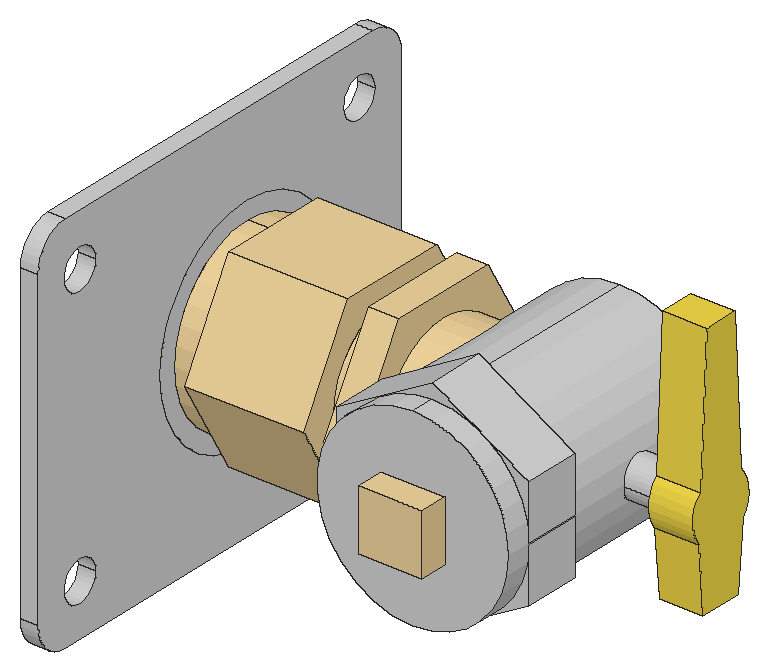
Revit family "Pipe_Fittings-OmegaFlex-TracPipe-AutoFlare-Flange_with_Valve", category Pipe Fittings, Revit 2024
Family settings
  Round Connector Dimension = Use Radius
  Part Type = Cap
  OmniClass Number = 23.60.30.11.14
  OmniClass Title = Pipework Fittings
  Work Plane-Based = No
  Always vertical = Yes
  Cut with Voids When Loaded = No
  Shared = No
Parameters (values of type "Standard")
  Valve Outlet Diameter [instance] = size_lookup(Lookup Table Name, "VOD", 0", Nominal Diameter 1)  # 3/4"
  Valve Inlet Diameter [instance] = size_lookup(Lookup Table Name, "VID", 0", Nominal Diameter 1)  # 3/4"
  Valve Handle Height [instance] = size_lookup(Lookup Table Name, "VH", 0' 0", Nominal Diameter 1)  # 0' - 1"
  URL = "https://www.omegaflex.com/"
  Tick Size [instance] = Fitting Outside Diameter * 0.4  # 0.42"
  Socket Entrance Offset [instance] = size_lookup(Lookup Table Name, "SEO", 0' 0", Nominal Diameter 1)  # 0' - 0.158"
  Socket Entrance Interior Diameter 1 [instance] = size_lookup(Lookup Table Name, "SEID1", 0' 0", Nominal Diameter 1)  # 0' - 1.065"
  Socket Entrance Diameter 2 [instance] = Socket Entrance Diameter 1 - 1/8"  # 1 1/4"
  Socket Entrance Diameter 1 [instance] = size_lookup(Lookup Table Name, "SED1", 0", Nominal Diameter 1)  # 1 3/8"
  Socket Entrance Thickness 1 [instance] = size_lookup(Lookup Table Name, "SET1", 0' 0", Nominal Diameter 1)  # 0' - 0.85"
  Part Number [instance] = size_lookup(Lookup Table Name, "PN", "0", Nominal Diameter 1)  # "FGP-RF90V-750"
  Part Description [instance] = size_lookup(Lookup Table Name, "PD", "0", Nominal Diameter 1)  # "90° Flange Valve - 3/4\""
  Valve Nut Exterior [instance] = size_lookup(Lookup Table Name, "VNE", 0' 0", Nominal Diameter 1)  # 0' - 1 3/8"
  Nominal Radius 1 [instance] = 3/8"
  Nominal Diameter 1 [instance] = Nominal Radius 1 * 2  # 3/4"
  Model = "TracPipe CounterStrike"
  Manufacturer = "OmegaFlex"  # constant formula
  Loss Method = K Coefficient from Table
  Lookup Table Name = "Pipe_Fittings-OmegaFlex-TracPipe-AutoFlare-Flange_with_Valve"
  Valve Connection Center [instance] = 2 31/256"  # constant formula
  K Coefficient Table = "Reducer/Coupling/Union/Increaser"
  Flange Outside Connection Diameter [instance] = Flange Connection Diameter + 0' 0 1/4"  # 0' - 1.565"
  Flange Connection Diameter [instance] = size_lookup(Lookup Table Name, "FCD", 0' 0", Nominal Diameter 1)  # 0' - 1.315"
  Fitting Outside Radius [instance] = Fitting Outside Diameter / 2  # 0.525"
  Fitting Outside Diameter [instance] = size_lookup(Lookup Table Name, "FOD", 0", Nominal Diameter 1)  # 1.05"
  Fitting Inside Diameter [instance] = size_lookup(Lookup Table Name, "FID", 0' 0", Nominal Diameter 1)  # 0' - 0.781"
  Description = "See Part Description"
  Default Elevation = 0' - 0"
Reference planes (in)
  plane 1 "Center (Front/Back)": y = 0
  plane 2: z = 0
  plane 3 "Center (Left/Right)": x = 0
  plane 4: z = 1.375
  plane 5: z = -1.375
  plane 6: z = 1
  plane 7: z = -1
  plane 8: y = 1.375
  plane 9: y = -1.875
  plane 10: y = 1
  plane 11: y = -1.5
  plane 12: x = -1.06055
  plane 13: x = -1.43555
  plane 14: x = 1.06055
  plane 15: x = -0.87415
  plane 16 "Valve": x = -0.02415
  plane 17: x = -1.18555
Forms (in)
  Extrusion 1, solid, material "Stainless Steel - OmegaFlex"
    sketch origin (-1.533, 0, 0) x (0, -1, 0) y (0, 0, -1)
      loop
        line (-1.125, -1.375) -> (1.625, -1.375)
        arc (1.625, -1.375) -> (1.80178, -1.30178) -> (1.875, -1.125) r 0.25
        line (1.875, -1.125) -> (1.875, 1.125)
        arc (1.875, 1.125) -> (1.80178, 1.30178) -> (1.625, 1.375) r 0.25
        line (1.625, 1.375) -> (-1.125, 1.375)
        arc (-1.125, 1.375) -> (-1.30178, 1.30178) -> (-1.375, 1.125) r 0.25
        line (-1.375, 1.125) -> (-1.375, -1.125)
        arc (-1.375, -1.125) -> (-1.30178, -1.30178) -> (-1.125, -1.375) r 0.25
      loop
        circle (-1, -1) r 0.145
      loop
        circle (1.5, -1) r 0.145
      loop
        circle (-1, 1) r 0.145
      loop
        circle (1.5, 1) r 0.145
      loop
        circle (0, 0) r 0.6575
    from 0.34745 to 0.47245
  Extrusion 2, solid, material "Brass - OmegaFlex"
    sketch origin (-1.06055, 0, 3.94401) x (0, 0, 1) y (0, -1, 0)
      loop
        circle (-3.94401, 0) r 0.6575
      loop
        circle (-3.94401, 0) r 0.5325
    from 0 to 0.1864
  Extrusion 3, solid, material "Stainless Steel - OmegaFlex"
    sketch origin (-1.06055, 0, 3.94401) x (0, 0, 1) y (0, -1, 0)
      loop
        circle (-3.94401, 0) r 0.7825
      loop
        circle (-3.94401, 0) r 0.6575
    from 0 to -0.375
  Extrusion 4, solid, material "Brass - OmegaFlex"
    sketch origin (-0.02415, 3.09718, 48) x (0, 1, 0) y (0, 0, -1)
      loop
        circle (-3.09718, 48) r 0.3905
      loop
        circle (-3.09718, 48) r 0.525
    from 0 to -1.08469
Dimensions and locks (in)
  equal spacing: plane 4, plane 2, plane 5
  locked: plane 4 to plane 5 at 2.75
  locked: plane 4 to plane 6 at 0.375
  locked: plane 7 to plane 5 at 0.375
  locked: plane 8 to plane 9 at 3.25
  locked: plane 10 to plane 11 at 2.5
  locked: plane 8 to plane 10 at 0.375
  locked: plane 12 to plane 17 at 0.125
  "Valve Connection Center": plane 14 to plane 12
  equal spacing: plane 14, plane 3 "Center (Left/Right)", plane 12
  locked: plane 13 to plane 17 at 0.25
  plane 15 to plane 16 "Valve" = 0' - 0.85"
  "Socket Entrance Interior Diameter 1": diameter of Extrusion 2 sketch curve
  "Flange Connection Diameter": diameter of Extrusion 2 sketch curve
  "Flange Connection Diameter": diameter of Extrusion 1 sketch curve
  "Flange Connection Diameter": diameter of Extrusion 3 sketch curve
  "Flange Outside Connection Diameter": diameter of Extrusion 3 sketch curve
  "Fitting Inside Diameter": diameter of Extrusion 4 sketch curve
  "Fitting Outside Diameter": diameter of Extrusion 4 sketch curve
  aligned and locked: Extrusion 1 sketch curve to plane 8
  aligned and locked: Extrusion 1 sketch curve to plane 9
  aligned and locked: plane 10 to Extrusion 1 sketch curve  (x2)
  aligned and locked: plane 11 to Extrusion 1 sketch curve  (x2)
  aligned and locked: plane 12 to Extrusion 1
  aligned and locked: plane 15 to nested 1
  aligned and locked: Extrusion 2 to plane 15
  aligned and locked: plane 13 to Extrusion 3
  aligned and locked: plane 14 to Extrusion 4
  aligned and locked: Extrusion 1 to plane 17
  aligned and locked: plane 14 to nested 2
  aligned and locked: plane 16 "Valve" to Extrusion 4
  aligned and locked: plane 16 "Valve" to nested 1
Automatic sketch dimensions
  Extrusion 1 sketch curve to plane 5 = 0' - 0"
  Extrusion 1 sketch curve to plane 4 = 0' - 0"
  Extrusion 1 sketch curve to level = 0' - 0"
  Extrusion 1 sketch curve to plane 1 "Center (Front/Back)" = 0' - 0"
  Extrusion 1 sketch curve to plane 6 = 0' - 0"  (x2)
  plane 7 to Extrusion 1 sketch curve = 0' - 0"  (x2)
  Extrusion 1 sketch curve to plane 10 = 0' - 0 1/8"  (x2)
  plane 11 to Extrusion 1 sketch curve = 0' - 0 1/8"
  plane 6 to Extrusion 1 sketch curve = 0' - 0 1/8"
  Extrusion 2 sketch curve to Extrusion 2 sketch curve = 0' - 0"  (x2)
  Extrusion 2 sketch curve to level = 0' - 0"
  Extrusion 2 sketch curve to plane 1 "Center (Front/Back)" = 0' - 0"
  Extrusion 3 sketch curve to Extrusion 3 sketch curve = 0' - 0"  (x2)
  Extrusion 3 sketch curve to level = 0' - 0"
  Extrusion 3 sketch curve to plane 1 "Center (Front/Back)" = 0' - 0"
  Extrusion 4 sketch curve to Extrusion 4 sketch curve = 0' - 0"  (x2)
  Extrusion 4 sketch curve to level = 0' - 0"
  Extrusion 4 sketch curve to plane 1 "Center (Front/Back)" = 0' - 0"
  radius of Extrusion 1 sketch curve = 0' - 0.145"  (x4)
Nested families (in)
  nested 1: "Nut-OmegaFlex-TracPipe" at (-0.02415, 0, 0) x (0, -1, 0) z (0, 0, 1), Interior Diameter <- "Socket Entrance Interior Diameter 1", Width <- "Socket Entrance Diameter 1", type "Nut"
    with Width 0' - 1 3/8", Thickness 0' - 0.85", Interior Diameter 0' - 1.065"
  nested 2: "Valve-OmegaFlex-TracPipe" at (0.31055, 0, 0) x (0, 0, -1) z (1, 0, 0), Handle Height <- "Valve Handle Height", TracPipe Inlet Diameter <- "Valve Inlet Diameter", Valve Outlet Diameter <- "Valve Outlet Diameter", Nut Exterior Front <- "Valve Nut Exterior", Nut Exterior Top <- "Valve Nut Exterior", Nut Interior Diameter Top <- "Valve Inlet Diameter", type "Valve"
    with Valve Outlet Diameter 3/4", Valve Body Height 0' - 0 3/4", TracPipe Inlet Diameter 3/4", Nut Thickness Top 0' - 0 53/128", Nut Thickness 2 0' - 0 1/2", Nut Thickness 1 0' - 0 7/32", Nut Interior Diameter Top 0' - 0 3/4", Nut Exterior Top 0' - 1 3/8", Nut Exterior Front 0' - 1 3/8", Handle Height 0' - 1"
Connectors (in)
  piping at (-0.87415, 0, 0), diameter 0.75, driven by "Nominal Radius 1"
    settings: on nested 1, index 4, connector inside diameter 24", connector length 0' - 0", flow factor 0, pipe flow 0 GPM, pressure drop 0.00 psi, fitting loss kfactor 0, connector angle 0.00°, fixture units 0, engagement length 0' - 0", angle of deflection 0.00°, flow configuration 0, flow direction 0, fitting loss method 0, system type 28, joint type 0, gender type 0, connector reference index 5, connector utility 0, adjustable connector no, is connector primary yes, connector description ""
  piping at (1.06055, -1.17045, 0), diameter 0.75, driven by "Nominal Radius 1"
    settings: on nested 2, index 5, connector inside diameter 24", connector length 0' - 0", flow factor 0, pipe flow 0 GPM, pressure drop 0.00 psi, fitting loss kfactor 0, connector angle 0.00°, fixture units 0, engagement length 0' - 0", angle of deflection 0.00°, flow configuration 0, flow direction 0, fitting loss method 0, system type 28, joint type 0, gender type 0, connector reference index 4, connector utility 0, adjustable connector no, is connector primary no, connector description ""
Definition of nested family "Nut-OmegaFlex-TracPipe"
  Parameters (values of type "Nut")
    Width [instance] = 0' - 7"
    Thickness [instance] = 0' - 1"
    Material = none
    Interior Diameter [instance] = 0' - 3"
    Default Elevation = 0' - 0"
  Reference planes (in)
    plane 1 "Center (Front/Back)": y = 0
    plane 2: z = 0
    plane 3 "Center (Left/Right)": x = 0
    plane 4: y = 1
  Forms (in)
    Extrusion 1, solid, material <- "Material"
      sketch origin (0, 0, 0) x (1, 0, 0) y (0, 0, 1)
        loop
          line (-2.02073, 3.5) -> (-4.04145, 0) -> (-2.02073, -3.5) -> (2.02073, -3.5) -> (4.04145, 0) -> (2.02073, 3.5) -> (-2.02073, 3.5)
        loop
          circle (0, 0) r 1.5
      from 0 to -1
  Dimensions and locks (in)
    equal spacing: Extrusion 1 sketch curve, plane 2, Extrusion 1 sketch curve
    "Width": Extrusion 1 sketch curve to Extrusion 1 sketch curve  (x3)
    equal spacing: Extrusion 1 sketch curve, plane 3 "Center (Left/Right)", Extrusion 1 sketch curve  (x2)
    "Thickness": plane 4 to plane 1 "Center (Front/Back)"
    plane 4 to plane 1 "Center (Front/Back)" = 0' - 1"
    "Interior Diameter": diameter of Extrusion 1 sketch curve
    locked: Extrusion 1 sketch curve to Extrusion 1 sketch curve (angle 120.00°)  (x5)
    angle Extrusion 1 sketch curve to Extrusion 1 sketch curve = 120.00°
    aligned and locked: plane 2 to level
    aligned and locked: plane 4 to Extrusion 1
    aligned and locked: plane 3 "Center (Left/Right)" to Extrusion 1 sketch curve
    aligned and locked: plane 2 to Extrusion 1 sketch curve
Definition of nested family "Valve-OmegaFlex-TracPipe"
  Parameters (values of type "Valve")
    Valve Outlet Diameter [instance] = 1/2"
    Valve Body Height [instance] = 0' - 0 3/4"
    TracPipe Inlet Diameter [instance] = 3/8"
    Part Number = ""
    Part Description = ""
    Nut Thickness Top [instance] = 0' - 0 53/128"
    Nut Thickness 2 [instance] = 0' - 0 1/2"
    Nut Thickness 1 [instance] = 0' - 0 7/32"
    Nut Interior Diameter Top [instance] = 0' - 0 3/8"
    Nut Exterior Top [instance] = 0' - 1"
    Nut Exterior Front [instance] = 0' - 1"
    Model = ""
    Manufacturer = ""
    Handle Height [instance] = 0' - 0 3/4"
    Description = ""
    Default Elevation = 4' - 0"
  Reference planes (in)
    plane 1 "Center (Front/Back)": y = 0
    plane 2: z = 0
    plane 3 "Center (Left/Right)": x = 0
    plane 4 "Horizontal Center": z = 0.75
    plane 5: z = 0
    plane 6: z = 1.25
    plane 7: z = 0.25
    plane 8: z = -0.0625
  Forms (in)
    Extrusion 1, solid
      sketch origin (0, -1.68729, 0) x (1, 0, 0) y (0, 1, 0)
        loop
          line (-0.17464, 1.86618) -> (-1.20293, 1.81229) -> (-1.20293, 1.56229) -> (-0.17464, 1.5084)
          arc (-0.17464, 1.5084) -> (-0.01308, 1.43763) -> (0.15498, 1.49113) r 0.25
          line (0.15498, 1.49113) -> (0.6253, 1.53227) -> (0.6253, 1.84231) -> (0.15498, 1.88345)
          arc (0.15498, 1.88345) -> (-0.01308, 1.93695) -> (-0.17464, 1.86618) r 0.25
      from 1.51277 to 1.82527
    Extrusion 2, solid
      sketch origin (0, -1.75685, 1.5625) x (1, 0, 0) y (0, 0, 1)
        loop
          circle (0, -0.8125) r 0.5
      from -2.43729 to -0.5864
    Extrusion 3, solid
      sketch origin (0, -1.68729, 0) x (0, -1, 0) y (1, 0, 0)
        loop
          circle (-1.68729, 0) r 0.1875
      from -0.0625 to 0.75
    Extrusion 4, solid
      sketch origin (0, -1.68729, 0) x (0, -1, 0) y (1, 0, 0)
        loop
          circle (-1.68729, 0) r 0.14765
      from 0.75 to 1.51277
    Extrusion 5, solid
      sketch origin (0, -1.75685, 0) x (1, 0, 0) y (0, 0, 1)
        loop
          line (0.21956, 0.97645) -> (-0.21956, 0.97645) -> (-0.21956, 0.52355) -> (0.21956, 0.52355) -> (0.21956, 0.97645)
      from -0.38325 to -0.5864
  Dimensions and locks (in)
    "Valve Body Height": plane 4 "Horizontal Center" to plane 2
    Extrusion 5 sketch curve to Extrusion 5 sketch curve = 0' - 0.4529"  (x2)
    Extrusion 5 sketch curve to Extrusion 5 sketch curve = 0' - 0.43912"  (x2)
    Extrusion 1 to Extrusion 1 to plane 6 = 0' - 0 5/16" locked, 0' - 0.26277" locked
    equal spacing: plane 6, plane 4 "Horizontal Center", plane 7
    "Nut Exterior Top": plane 6 to plane 7
    locked: plane 7 to plane 5 at 0.25
    "Nut Exterior Front": diameter of Extrusion 2 sketch curve
    "Nut Interior Diameter Top": diameter of Extrusion 3 sketch curve
    aligned and locked: plane 2 to level
    aligned and locked: Extrusion 4 to Extrusion 1  (x2)
    aligned and locked: plane 4 "Horizontal Center" to Extrusion 2 sketch curve
    aligned and locked: plane 3 "Center (Left/Right)" to Extrusion 2 sketch curve
    aligned and locked: plane 3 "Center (Left/Right)" to Extrusion 4 sketch curve
    aligned and locked: plane 1 "Center (Front/Back)" to Extrusion 4 sketch curve
    aligned and locked: Extrusion 4 to plane 4 "Horizontal Center"
    aligned and locked: plane 4 "Horizontal Center" to Extrusion 3
    aligned and locked: nested 2 to plane 5
    aligned and locked: Extrusion 3 to plane 8
  Automatic sketch dimensions
    Extrusion 1 sketch curve to Extrusion 1 sketch curve = 0' - 0"  (x2)
    plane 1 "Center (Front/Back)" to Extrusion 1 sketch curve = 0' - 0"
    Extrusion 1 sketch curve to plane 3 "Center (Left/Right)" = 0' - 0"
    Extrusion 1 sketch curve to plane 3 "Center (Left/Right)" = 0' - 0.17464"  (x2)
    plane 1 "Center (Front/Back)" to Extrusion 1 sketch curve = 0' - 0 1/8"
    Extrusion 1 sketch curve to Extrusion 1 sketch curve = 0' - 1.02829"
    plane 3 "Center (Left/Right)" to Extrusion 1 sketch curve = 0' - 0.15498"  (x2)
    plane 1 "Center (Front/Back)" to Extrusion 1 sketch curve = 0' - 0.15502"
    Extrusion 1 sketch curve to Extrusion 1 sketch curve = 0' - 0.47031"
    plane 1 "Center (Front/Back)" to Extrusion 1 sketch curve = 0' - 0.17889"
    Extrusion 1 sketch curve to plane 1 "Center (Front/Back)" = 0' - 0 1/8"
    Extrusion 1 sketch curve to plane 1 "Center (Front/Back)" = 0' - 0.15502"
    Extrusion 1 sketch curve to plane 1 "Center (Front/Back)" = 0' - 0.17889"
    Extrusion 5 sketch curve to plane 3 "Center (Left/Right)" = 0' - 0.21956"
    Extrusion 5 sketch curve to plane 4 "Horizontal Center" = 0' - 0.22645"
    plane 1 "Center (Front/Back)" to Extrusion 3 sketch curve = 0' - 0"
    Extrusion 3 sketch curve to plane 3 "Center (Left/Right)" = 0' - 0"
    radius of Extrusion 4 sketch curve = 0' - 0.14765"
  Nested families (in)
    nested 1: "Nut-OmegaFlex-TracPipe" at (0, -0.99299, 0.75), Interior Diameter <- "Nut Interior Diameter Top", Thickness <- "Nut Thickness Top", Width <- "Nut Exterior Front", type "Nut"
      with Width 0' - 1", Thickness 0' - 0 53/128", Material none, Interior Diameter 0' - 0 3/8"
    nested 2: "Nut-OmegaFlex-TracPipe" at (0, 0, 0) x (0, 1, 0) z (1, 0, 0), Interior Diameter <- "Nut Interior Diameter Top", Width <- "Nut Exterior Top", Thickness <- "Nut Thickness 1", type "Nut"
      with Width 0' - 1", Thickness 0' - 0 7/32", Material none, Interior Diameter 0' - 0 3/8"
  Definition of nested family "Nut-OmegaFlex-TracPipe"
    Parameters (values of type "Nut")
      Width [instance] = 0' - 7"
      Thickness [instance] = 0' - 1"
      Material [instance] = none
      Interior Diameter [instance] = 0' - 3"
      Default Elevation = 4' - 0"
    Reference planes (in)
      plane 1 "Center (Front/Back)": y = 0
      plane 2: z = 0
      plane 3 "Center (Left/Right)": x = 0
      plane 4: y = 1
    Forms (in)
      Extrusion 1, solid, material <- "Material"
        sketch origin (0, 0, 0) x (1, 0, 0) y (0, 0, 1)
          loop
            line (-2.02073, 3.5) -> (-4.04145, 0) -> (-2.02073, -3.5) -> (2.02073, -3.5) -> (4.04145, 0) -> (2.02073, 3.5) -> (-2.02073, 3.5)
          loop
            circle (0, 0) r 1.5
        from 0 to -1
    Dimensions and locks (in)
      equal spacing: Extrusion 1 sketch curve, plane 2, Extrusion 1 sketch curve
      "Width": Extrusion 1 sketch curve to Extrusion 1 sketch curve  (x3)
      equal spacing: Extrusion 1 sketch curve, plane 3 "Center (Left/Right)", Extrusion 1 sketch curve  (x2)
      "Thickness": plane 4 to plane 1 "Center (Front/Back)"
      plane 4 to plane 1 "Center (Front/Back)" = 0' - 1"
      "Interior Diameter": diameter of Extrusion 1 sketch curve
      locked: Extrusion 1 sketch curve to Extrusion 1 sketch curve (angle 120.00°)  (x5)
      angle Extrusion 1 sketch curve to Extrusion 1 sketch curve = 120.00°
      aligned and locked: plane 2 to level
      aligned and locked: plane 4 to Extrusion 1
      aligned and locked: plane 3 "Center (Left/Right)" to Extrusion 1 sketch curve
      aligned and locked: plane 2 to Extrusion 1 sketch curve
